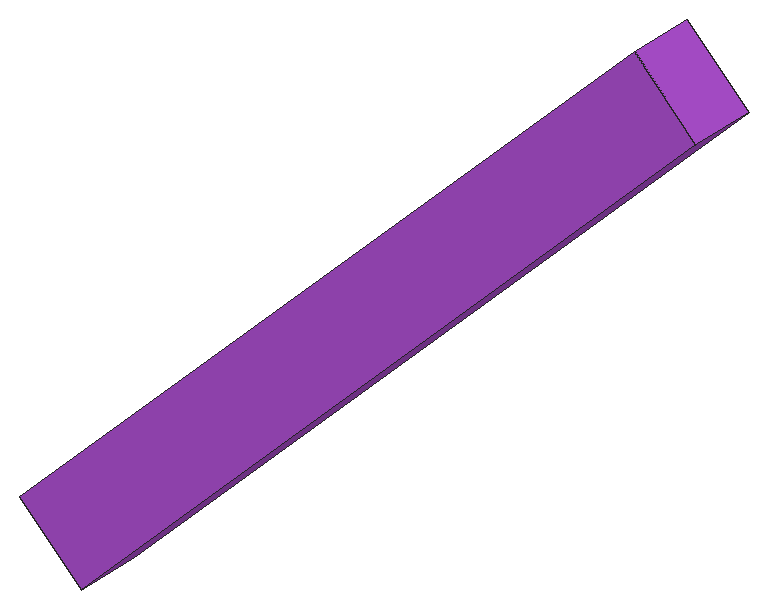
Revit family "ケーブルトレイサポート_不等辺山形鋼", category Generic Models, Revit 2023
Family settings
  Can host rebar = No
  Round Connector Dimension = Use Diameter
  Part Type = Normal
  Work Plane-Based = Yes
  Always vertical = No
  Cut with Voids When Loaded = No
  Maintain Annotation Orientation = No
  Shared = No
  Room Calculation Point = No
Parameters (values of type "L 100 x 75")
  高さ = 100 mm
  長辺 [instance] = 長さ  # 1000 mm
  長さ [instance] = 1000 mm
  部屋名 = ""
  角度 [instance] = 45.00°
  Default Elevation = 1219.2 mm
  構造マテリアル = E304_ケーブルトレイサポート
  幅 = 75 mm
Types (6, lengths in mm): name | 高さ | 幅
  L 100 x 75 | 100 | 75
  L 125 x 75 | 125 | 75
  L 125 x 90 | 125 | 90
  L 150 x 100 | 150 | 100
  L 150 x 90 | 150 | 90
  L 90 x 75 | 90 | 75
Reference planes
  plane 1 "中心(正面/背面)": y = 0
  plane 2: z = 0
  plane 3 "中心(左/右)": x = 0
Lines and regions (mm)
  reference lines
    curve 1: line (0, 0, 0) -> (848.528, 0, 848.528)
    curve 2: line (35.355, 0, -35.355) -> (-35.355, 0, 35.355)
    curve 3: line (742.462, 0, 671.751) -> (671.751, 0, 742.462)
Dimensions and locks
  equal spacing: curve 2, curve 1, curve 2
  "高さ": curve 2 to curve 2
  equal spacing: curve 3, curve 1, curve 3
  "高さ": curve 3 to curve 3
  "長さ": curve 2 to curve 3
  "角度": angle level to curve 1
  angle curve 2 to curve 1 = 90.00°
  angle curve 3 to curve 1 = 90.00°
  aligned and locked: level to plane 2
  aligned and locked: level to curve 1
  aligned and locked: plane 3 "中心(左/右)" to curve 1
  aligned and locked: curve 2 to nested 1
  aligned and locked: nested 1 to curve 1
Nested families
  nested 1: "グレーチング_不等辺山形鋼" at (-35.355, 0, 35.355) x (0, 1, 0) z (0.7071, 0, -0.7071), 長さ <- "長さ", type "L 90 x 75"
    with 長辺 1000 mm, 長さ 1000 mm, 高さ 100 mm
Definition of nested family "グレーチング_不等辺山形鋼"
  Parameters (values of type "L 125 x 75")
    高さ = 125 mm
    長辺 [instance] = 長さ  # 1000 mm
    長さ [instance] = 1000 mm
    部屋名 = ""
    Default Elevation = 1219.2 mm
    構造マテリアル = none
    幅 = 75 mm
  Types (6, lengths in mm): name | 高さ | 幅
    L 90 x 75 | 90 | 75
    L 100 x 75 | 100 | 75
    L 125 x 75 | 125 | 75
    L 125 x 90 | 125 | 90
    L 150 x 90 | 150 | 90
    L 150 x 100 | 150 | 100
  Reference planes
    plane 1 "中心(正面/背面)": y = 0
    plane 2: z = 0
    plane 3 "中心(左/右)": x = 0
    plane 4: z = 125
    plane 5: z = 62.5
  Forms (mm)
    Extrusion 1, solid, material <- "構造マテリアル"
      sketch origin (0, 0, 0) x (1, 0, 0) y (0, 1, 0)
        loop
          line (-37.5, 1000) -> (-37.5, 0) -> (37.5, 0) -> (37.5, 1000) -> (-37.5, 1000)
      from 0 to 125
  Lines and regions (mm)
    reference lines
      curve 1: line (37.5, 1000, 0) -> (-37.5, 1000, 0)
      curve 2: line (37.5, 0, 0) -> (-37.5, 0, 0)
  Dimensions and locks
    "長さ": curve 1 to curve 2
    "幅": Extrusion 1 to Extrusion 1
    equal spacing: Extrusion 1, plane 3 "中心(左/右)", Extrusion 1
    "幅": curve 1 to curve 1
    equal spacing: curve 1, plane 3 "中心(左/右)", curve 1
    "幅": curve 2 to curve 2
    equal spacing: curve 2, plane 3 "中心(左/右)", curve 2
    equal spacing: plane 4, plane 5, level
    "高さ": plane 4 to level
    aligned and locked: level to plane 2
    aligned and locked: Extrusion 1 to curve 2
    aligned and locked: curve 1 to Extrusion 1
    aligned and locked: plane 4 to Extrusion 1
  Automatic sketch dimensions
    Extrusion 1 sketch curve to plane 3 "中心(左/右)" = 37.5 mm
    plane 3 "中心(左/右)" to Extrusion 1 sketch curve = 37.5 mm
    plane 1 "中心(正面/背面)" to Extrusion 1 sketch curve = 0 mm
    Extrusion 1 sketch curve to plane 1 "中心(正面/背面)" = 1000 mm
    plane 1 "中心(正面/背面)" to curve 2 = 0 mm
